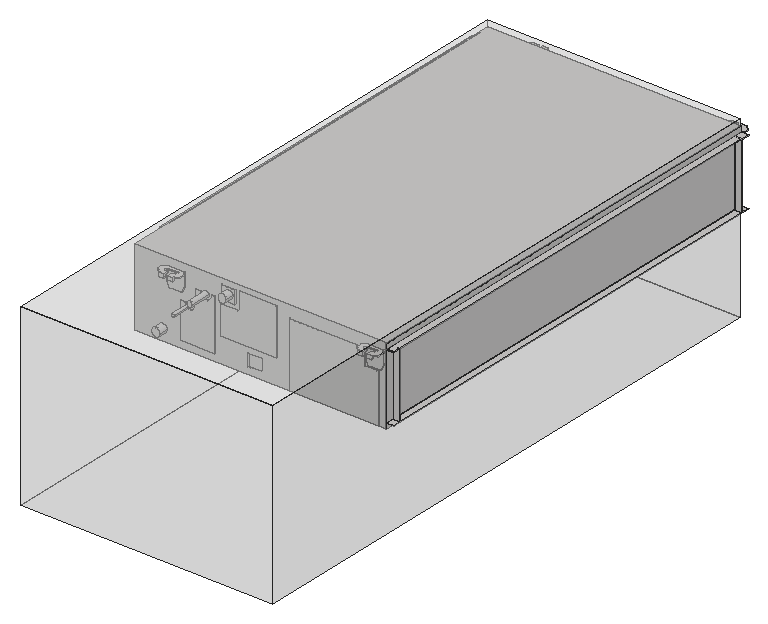
Revit family "outputfile", category 機械設備, Revit 2024
Family settings
  丸型コネクタ寸法 = 半径を使用
  パーツ タイプ = 標準
  OmniClass 番号 = 23.75.10.24.21.27.27
  OmniClass タイトル = Split System Air Conditioning Units
  作業面ベース = いいえ
  常に垂直 = はい
  ロード時にボイドで切り取り = いいえ
  注釈の向きを維持 = いいえ
  共有 = いいえ
  部屋計算ポイント = はい
Parameters (values of type "FBA125BVMA9")
  製造元 = "Daikin"
  書き出し IFC クラス(タイプ) = "IfcUnitaryEquipmentType"
  定義済み IFC タイプ(タイプ) = "AIRCONDITIONINGUNIT"
  モデル = "FBA125BVMA9"
  switch_frequency = yes
  r_Liquid Pipe Size = Liquid Pipe Size / 2  # 4.75 mm
  r_Gas Pipe Size = Gas Pipe Size / 2  # 7.95 mm
  r_Drain Pipe Size = Drain Pipe Size / 2  # 12.5 mm
  lw_power = 770.0 mm  # constant formula
  lh_SA = 138.0 mm  # constant formula
  lw_SA = if(Width = 550.0 mm, 225.0 mm, if(Width = 700.0 mm, 300.0 mm, if(Width = 1000.0 mm, 450.0 mm, if(Width = 1400.0 mm, 650.0 mm, 725.0 mm))))  # 650.0 mm
  lw_RA = if(Width = 550.0 mm, 275.0 mm, if(Width = 700.0 mm, 349.0 mm, if(Width = 1000.0 mm, 499.0 mm, if(Width = 1400.0 mm, 699.0 mm, 775.0 mm))))  # 699.0 mm
  lh_power = 60.0 mm + [h***]  # 60.0 mm
  lh_mountinghole1 = lh_mountinghole + [h***]  # 222.0 mm
  lh_RA = 123.0 mm  # constant formula
  ld_power = Width / 2  # 700.0 mm
  connector_voltage = Voltage_50Hz  # 230 V
  connector_powerinput = [Power Input (Cooling)]  # 3.740 kW
  connector_phase = Phase_50Hz  # 1
  Voltage_comment_60Hz = "220-230"
  Voltage_comment_50Hz = "220-240"
  Voltage_60Hz = 220 V
  Voltage_50Hz = 230 V
  Total Heating Capacity [instance] = 0.000 kW
  Supply Air Direction [instance] = yes
  Power Input (Heating) = 3.730 kW
  Phase_60Hz = 1
  Phase_50Hz = 1
  Nominal Heating Capacity = 14.000 kW
  Minimum External Static Pressure = 50.00 Pa
  Maximum External Static Pressure = 150.00 Pa
  Material_Casing = DAIKIN_GalvanizedSteel_Casing_indoorunit
  lw_mountinghole = 630.0 mm  # constant formula
  lh_gaspipe = 183.0 mm + [h***]  # 183.0 mm
  lh_mountinghole = 222.0 mm  # constant formula
  lh_liquidpipe = 136.0 mm + [h***]  # 136.0 mm
  lh_drainpipe = 207.0 mm + [h***]  # 207.0 mm
  lh_antena = Height - lh_mountinghole + 1.0 mm  # 24.0 mm
  ld_drainpipe = Width / 2 + 26.0 mm  # 726.0 mm
  ld_liquidpipe = Width / 2 + 69.0 mm  # 769.0 mm
  ld_gaspipe = Width / 2 + 65.0 mm  # 765.0 mm
  ld_mountinghole = Width + 38.0 mm  # 1438.0 mm
  h*** = 0.0 mm  # constant formula
  lw_liquidpipe = 179.0 mm  # constant formula
  lw_gaspipe = 229.0 mm  # constant formula
  lw_drainpipe = 300.0 mm  # constant formula
  Width = 1400.0 mm
  Version = "ver.1.0"
  Unit Type = "Duct"
  Unit Mass Weight = 47.00 kg
  Unit Designation [instance] = ""
  Uniclass2015Version = "Products v1.30"
  Uniclass2015Title = "Split coil room air conditioning units"
  Uniclass2015Code = "Pr_70_65_03_86"
  Total Cooling Capacity [instance] = 0.000 kW
  Sound Pressure Level_M speed (dBA) = 37.5
  Sound Pressure Level_L speed (dBA) = 35
  Sound Pressure Level_H speed (dBA) = 40
  Series = "SkyAir_Fan Coil Unit"
  Sensible Cooling Capacity [instance] = 0.000 kW
  SA Duct Size Width = 1192.0 mm
  SA Duct Size Height = 176.0 mm
  Refrigerant Type = "R32"
  RA Duct Size Width = 1352.0 mm
  RA Duct Size Height = 208.0 mm
  Power Input (Cooling) = 3.740 kW
  Option Accessory 3 [instance] = ""
  Option Accessory 2 [instance] = ""
  Option Accessory 1 [instance] = ""
  Nominal Cooling Capacity = 12.500 kW
  Minimum Airflow = 1500.00 m³/h
  Median Airflow = 1830.00 m³/h
  Maximum Airflow = 2160.00 m³/h
  Load Classification = HVAC
  Liquid Pipe Size = 9.5 mm
  Link_Nested Family [instance] = ""
  IfcVersion = ""
  IfcExportType = "AIRCONDITIONINGUNIT"
  IfcExportAs = "IfcUnitaryEquipmentType"
  Height = 245.0 mm
  Heating Entering Wet Bulb Temperature [instance] = -273.15 °C
  Heating Entering Dry Bulb Temperature [instance] = -273.15 °C
  Heating Ambient Wet Bulb Temperature [instance] = -273.15 °C
  Heating Ambient Dry Bulb Temperature [instance] = -273.15 °C
  Heat Exchanger Type = "Cross Fin Coil"
  Gas Pipe Size = 15.9 mm
  Frequency_60Hz = 60 Hz
  Frequency_50Hz = 50 Hz
  Fan Type = "Sirocco Fan"
  Fan Drive = "Direct Drive"
  FCU Tag No. [instance] = ""
  Drain Pipe Size = 25.0 mm
  Design Supply Airflow [instance] = 0.00 m³/h
  Design Return Airflow [instance] = 0.00 m³/h
  Design External Static Pressure [instance] = 0.00 Pa
  Depth = 800.0 mm
  既定の高さ = 0.0 mm
  Cooling Entering Wet Bulb Temperature [instance] = 0.00 °C
  Cooling Entering Dry Bulb Temperature [instance] = 0.00 °C
  Cooling Ambient Wet Bulb Temperature [instance] = 0.00 °C
  Cooling Ambient Dry Bulb Temperature [instance] = 0.00 °C
  Clearance visibility [instance] = yes
  Clearance Top = 20.0 mm
  Clearance Right = 0.0 mm
  Clearance Rear = 0.0 mm
  Clearance Left = 0.0 mm
  Clearance Front = 450.0 mm
  Clearance Bottom = 300.0 mm
Reference planes
  plane 1 "Center (Front/Back)": y = 0
  plane 2 "h": z = 0
  plane 3 "Center (Left/Right)": x = 0
  plane 4 "Back": y = 700
  plane 5 "Front": y = -700
  plane 6 "Left": x = -400
  plane 7 "Right": x = 400
  plane 8 "Top": z = 0
  plane 9 "Bottom": z = -245
  plane 10: y = -215
  plane 11: y = 700
  plane 12: y = -1150
  plane 13: x = -400
  plane 14: x = 400
  plane 15: z = 20
  plane 16: z = -545
  plane 17: x = -400
  plane 18: x = -399
  plane 19: x = 399
  plane 20: y = 50
  plane 21: y = -1
  plane 22: z = -122
  plane 23: y = -701
  plane 24: z = -109
  plane 25: x = -221
  plane 26: y = -765
  plane 27: z = -62
  plane 28: x = -171
  plane 29: y = -726
  plane 30: z = -38
  plane 31: x = -100
  plane 32: x = -100
  plane 33: x = -221
  plane 34: x = -171
  plane 35: x = 370
  plane 36: x = -266
  plane 37: x = 364
  plane 38: y = -719
  plane 39: y = 719
  plane 40: z = -23
  plane 41: z = -107
  plane 42: y = -769
  plane 43: z = -207
  plane 44: x = -309
  plane 45: y = -376
  plane 46: x = -251
  plane 47: x = -203
  plane 48: x = -144
  plane 49: z = -59
  plane 50: z = -106
  plane 51: z = -221
  plane 52: z = -109
  plane 53: x = -221
  plane 54: z = -62
  plane 55: x = -171
  plane 56: z = -17
  plane 57: z = -59
  plane 58: x = -121
  plane 59: x = -79
  plane 60: x = -125
  plane 61: x = -64
  plane 62: x = 53
  plane 63: z = -164
  plane 64: z = -73
  plane 65: z = -16
  plane 66: x = 93.5
  plane 67: x = 374.5
  plane 68: x = 330
  plane 69: z = -88.5
  plane 70: z = -38
  plane 71: z = -242.5
  plane 72: x = -38.5
  plane 73: x = 6.5
  plane 74: z = -181
  plane 75: z = -221
  plane 76: y = -699
  plane 77: x = -424
  plane 78: x = 424
Forms (mm)
  Extrusion 1, solid, material "DAIKIN_GalvanizedSteel_Casing_indoorunit" <- "Material_Casing"
    sketch origin (0, 0, 0) x (1, 0, 0) y (0, 1, 0)
      loop
        line (-399, 700) -> (-399, -700) -> (399, -700) -> (399, 700) -> (-399, 700)
    from -245 to 0
  Extrusion 2, solid, material "DAIKIN_GalvanizedSteel_Casing_indoorunit" <- "Material_Casing"
    sketch origin (0, 0, 0) x (1, 0, 0) y (0, 0, 1)
      loop
        line (-251, -221) -> (-144, -221) -> (-144, -59) -> (-154.47, -59)
        arc (-154.47, -59) -> (-171, -78.8) -> (-187.53, -59) r 16.8
        line (-187.53, -59) -> (-203, -59) -> (-203, -106) -> (-206.916, -106)
        arc (-206.916, -106) -> (-221, -123.4) -> (-235.084, -106) r 14.4
        line (-235.084, -106) -> (-251, -106) -> (-251, -221)
    from 700 to 701
  Extrusion 3, solid, material "DAIKIN_GalvanizedSteel_Casing_indoorunit" <- "Material_Casing"
    sketch origin (0, 0, 0) x (1, 0, 0) y (0, 0, 1)
      loop
        line (-121, -17) -> (-121, -59) -> (-79, -59) -> (-79, -17) -> (-121, -17)
      loop
        line (-125, -73) -> (-125, -164) -> (53, -164) -> (53, -16) -> (-64, -16) -> (-64, -73) -> (-125, -73)
    from 700 to 701
  Extrusion 4, solid, material "DAIKIN_GalvanizedSteel_Casing_indoorunit" <- "Material_Casing"
    sketch origin (0, 0, 0) x (1, 0, 0) y (0, 0, 1)
      loop
        line (93.5, -38) -> (93.5, -242.5) -> (374.5, -242.5) -> (374.5, -88.5) -> (330, -88.5) -> (330, -38) -> (93.5, -38)
    from 700 to 701
  Extrusion 5, solid, material "DAIKIN_GalvanizedSteel_Casing_indoorunit" <- "Material_Casing"
    sketch origin (0, 0, 0) x (1, 0, 0) y (0, 0, 1)
      loop
        circle (-221, -109) r 4.75
    from 700 to 769
  Extrusion 6, solid, material "DAIKIN_GalvanizedSteel_Casing_indoorunit" <- "Material_Casing"
    sketch origin (0, 0, 0) x (1, 0, 0) y (0, 0, 1)
      loop
        circle (-171, -62) r 7.95
    from 700 to 765
  Extrusion 7, solid, material "DAIKIN_GalvanizedSteel_Casing_indoorunit" <- "Material_Casing"
    sketch origin (0, 0, 0) x (1, 0, 0) y (0, 0, 1)
      loop
        circle (-100, -38) r 12.5
    from 701 to 726
  Extrusion 8, solid, material "DAIKIN_GalvanizedSteel_Casing_indoorunit" <- "Material_Casing"
    sketch origin (0, 0, 0) x (1, 0, 0) y (0, 0, 1)
      loop
        circle (-309, -207) r 13
    from 700 to 726
  Extrusion 9, void
    sketch origin (0, 0, 0) x (1, 0, 0) y (0, 0, 1)
      loop
        line (-38.5, -181) -> (-38.5, -221) -> (6.5, -221) -> (6.5, -181) -> (-38.5, -181)
    from 699 to 700
Cuts and joins
  Extrusion 9 cuts Extrusion 1
Dimensions and locks
  "Height": plane 8 "Top" to plane 9 "Bottom"
  equal spacing: plane 4 "Back", plane 1 "Center (Front/Back)", plane 5 "Front"
  "Width": plane 4 "Back" to plane 5 "Front"
  equal spacing: plane 6 "Left", plane 3 "Center (Left/Right)", plane 7 "Right"
  "Depth": plane 6 "Left" to plane 7 "Right"
  "Clearance Left": plane 13 to plane 6 "Left"
  "Clearance Right": plane 7 "Right" to plane 14
  "Clearance Rear": plane 11 to plane 4 "Back"
  "Clearance Front": plane 5 "Front" to plane 12
  "Clearance Top": plane 15 to plane 8 "Top"
  "Clearance Bottom": plane 9 "Bottom" to plane 16
  locked: plane 17 to plane 18 at 1
  locked: plane 19 to plane 14 at 1
  "lw_SA": plane 11 to plane 20
  "lw_RA": plane 21 to plane 5 "Front"
  "lh_RA": plane 22 to plane 9 "Bottom"
  locked: plane 5 "Front" to plane 23 at 1
  "lw_liquidpipe": plane 25 to plane 6 "Left"
  "lh_liquidpipe": plane 24 to plane 9 "Bottom"
  "lh_gaspipe": plane 27 to plane 9 "Bottom"
  "lw_gaspipe": plane 28 to plane 6 "Left"
  "ld_gaspipe": plane 26 to plane 1 "Center (Front/Back)"
  "ld_drainpipe": plane 29 to plane 1 "Center (Front/Back)"
  "lh_drainpipe": plane 30 to plane 9 "Bottom"
  "lw_drainpipe": plane 31 to plane 6 "Left"
  "lw_drainpipe": plane 6 "Left" to plane 32
  "lw_liquidpipe": plane 6 "Left" to plane 33
  "lw_gaspipe": plane 6 "Left" to plane 34
  "lw_power": plane 6 "Left" to plane 35
  locked: plane 17 to plane 36 at 134
  "lw_mountinghole": plane 36 to plane 37
  equal spacing: plane 38, plane 1 "Center (Front/Back)", plane 39
  "ld_mountinghole": plane 39 to plane 38
  "lh_mountinghole": plane 40 to plane 9 "Bottom"
  "lh_SA": plane 41 to plane 9 "Bottom"
  locked: plane 44 to plane 6 "Left" at 91
  locked: plane 43 to plane 9 "Bottom" at 38
  plane 48 to plane 47 to plane 46 to plane 6 "Left" = 59.0 mm, 48.0 mm, 149.0 mm
  plane 8 "Top" to plane 49 to plane 50 to plane 51 = 59.0 mm locked, 47.0 mm locked, 115.0 mm locked
  plane 55 to plane 53 to plane 6 "Left" = 50.0 mm locked, 179.0 mm locked
  plane 54 to plane 52 to plane 9 "Bottom" = 47.0 mm locked, 136.0 mm locked
  plane 59 to plane 58 to plane 6 "Left" = 42.0 mm locked, 279.0 mm locked
  plane 8 "Top" to plane 56 to plane 57 = 17.0 mm locked, 42.0 mm locked
  plane 62 to plane 61 to plane 60 to plane 6 "Left" = 117.0 mm, 61.0 mm, 275.0 mm
  plane 8 "Top" to plane 65 to plane 64 = 16.0 mm locked, 57.0 mm locked
  locked: plane 65 to plane 63 at 148
  plane 8 "Top" to plane 70 to plane 69 to plane 71 = 38.0 mm locked, 50.5 mm locked, 154.0 mm locked
  plane 67 to plane 68 to plane 66 to plane 6 "Left" = 44.5 mm locked, 236.5 mm locked, 493.5 mm locked
  plane 8 "Top" to plane 74 to plane 75 = 181.0 mm locked, 40.0 mm locked
  plane 73 to plane 72 to plane 6 "Left" = 45.0 mm, 361.5 mm
  locked: plane 76 to plane 5 "Front" at 1
  locked: plane 77 to plane 17 at 24
  locked: plane 14 to plane 78 at 24
  "ld_liquidpipe": plane 42 to plane 1 "Center (Front/Back)"
  "r_Liquid Pipe Size": radius of Extrusion 5 sketch curve
  "r_Gas Pipe Size": radius of Extrusion 6 sketch curve
  "r_Drain Pipe Size": radius of Extrusion 7 sketch curve
  aligned and locked: level to plane 2 "h"
  aligned and locked: plane 8 "Top" to Extrusion 1
  aligned and locked: Extrusion 1 to plane 9 "Bottom"
  aligned and locked: nested 5 to plane 12
  aligned and locked: plane 13 to nested 5
  aligned and locked: plane 14 to nested 5
  aligned and locked: nested 5 to plane 13
  aligned and locked: plane 11 to nested 5
  aligned and locked: plane 15 to nested 5
  aligned and locked: plane 16 to nested 5
  aligned and locked: plane 5 "Front" to Extrusion 1 sketch curve
  aligned and locked: Extrusion 1 to plane 18
  aligned and locked: plane 19 to Extrusion 1
  aligned and locked: nested 7 to plane 18
  aligned and locked: nested 7 to plane 20
  aligned and locked: plane 19 to nested 8
  aligned and locked: plane 21 to nested 8
  aligned and locked: plane 22 to nested 8
  aligned and locked: Extrusion 2 to plane 23
  aligned and locked: plane 5 "Front" to Extrusion 2
  aligned and locked: Extrusion 3 to plane 23
  aligned and locked: plane 5 "Front" to Extrusion 3
  aligned and locked: plane 5 "Front" to Extrusion 4
  aligned and locked: Extrusion 5 sketch curve to plane 25
  aligned and locked: plane 24 to Extrusion 5 sketch curve
  aligned and locked: plane 5 "Front" to Extrusion 5
  aligned and locked: Extrusion 6 sketch curve to plane 28
  aligned and locked: plane 27 to Extrusion 6 sketch curve
  aligned and locked: plane 5 "Front" to Extrusion 6
  aligned and locked: Extrusion 7 sketch curve to plane 31
  aligned and locked: Extrusion 7 sketch curve to plane 30
  aligned and locked: Extrusion 7 to plane 29
  aligned and locked: plane 23 to Extrusion 7
  aligned and locked: nested 3 to plane 29
  aligned and locked: nested 3 to plane 32
  aligned and locked: nested 2 to plane 33
  aligned and locked: nested 1 to plane 34
  aligned and locked: Extrusion 6 to plane 26
  aligned and locked: nested 1 to plane 26
  aligned and locked: nested 6 to plane 5 "Front"
  aligned and locked: nested 6 to plane 35
  aligned and locked: plane 36 to nested 10
  aligned and locked: nested 10 to plane 5 "Front"
  aligned and locked: plane 37 to nested 9
  aligned and locked: nested 9 to plane 5 "Front"
  aligned and locked: nested 11 to plane 36
  aligned and locked: plane 4 "Back" to nested 11
  aligned and locked: nested 12 to plane 37
  aligned and locked: plane 4 "Back" to nested 12
  aligned and locked: plane 40 to nested 10
  aligned and locked: plane 40 to nested 11
  aligned and locked: plane 40 to nested 9
  aligned and locked: plane 40 to nested 12
  aligned and locked: plane 36 to nested 14
  aligned and locked: nested 14 to plane 39
  aligned and locked: plane 37 to nested 13
  aligned and locked: nested 13 to plane 39
  aligned and locked: plane 37 to nested 16
  aligned and locked: plane 38 to nested 16
  aligned and locked: plane 38 to nested 15
  aligned and locked: plane 36 to nested 15
  aligned and locked: plane 17 to plane 6 "Left"
  aligned and locked: plane 41 to nested 7
  aligned and locked: Extrusion 5 to plane 42
  aligned and locked: nested 2 to plane 42
  aligned and locked: Extrusion 8 sketch curve to plane 44
  aligned and locked: plane 43 to Extrusion 8 sketch curve
  aligned and locked: plane 5 "Front" to Extrusion 8
  aligned and locked: Extrusion 3 sketch curve to plane 56
  aligned and locked: Extrusion 3 sketch curve to plane 58
  aligned and locked: plane 57 to Extrusion 3 sketch curve
  aligned and locked: plane 59 to Extrusion 3 sketch curve
  aligned and locked: Extrusion 4 to plane 23
  aligned and locked: Extrusion 9 sketch curve to plane 74
  aligned and locked: plane 75 to Extrusion 9 sketch curve
  aligned and locked: plane 73 to Extrusion 9 sketch curve
  aligned and locked: plane 5 "Front" to Extrusion 9
  aligned and locked: plane 76 to Extrusion 9
  aligned and locked: nested 17 to plane 20
  aligned and locked: nested 17 to plane 77
  aligned and locked: plane 21 to nested 18
  aligned and locked: plane 78 to nested 18
  aligned and locked: plane 41 to nested 17
  aligned and locked: nested 18 to plane 22
  aligned and locked: nested 4 to plane 3 "Center (Left/Right)"
  aligned and locked: plane 1 "Center (Front/Back)" to nested 4
  aligned and locked: level to plane 8 "Top"
  aligned and locked: Extrusion 8 to plane 29
Automatic sketch dimensions
  plane 6 "Left" to Extrusion 1 sketch curve = 1.0 mm
  Extrusion 1 sketch curve to plane 7 "Right" = 1.0 mm
  Extrusion 1 sketch curve to plane 4 "Back" = 0.0 mm
  Extrusion 2 sketch curve to plane 46 = 0.0 mm
  Extrusion 2 sketch curve to plane 33 = 0.0 mm
  Extrusion 2 sketch curve to plane 47 = 0.0 mm
  Extrusion 2 sketch curve to plane 34 = 0.0 mm
  Extrusion 2 sketch curve to plane 48 = 0.0 mm
  Extrusion 2 sketch curve to plane 51 = 0.0 mm
  Extrusion 2 sketch curve to plane 52 = 0.0 mm
  Extrusion 2 sketch curve to plane 50 = 0.0 mm  (x3)
  Extrusion 2 sketch curve to plane 54 = 0.0 mm
  Extrusion 2 sketch curve to plane 49 = 0.0 mm  (x3)
  plane 33 to Extrusion 2 sketch curve = 14.084 mm
  plane 34 to Extrusion 2 sketch curve = 16.53 mm
  Extrusion 3 sketch curve to plane 60 = 0.0 mm
  Extrusion 3 sketch curve to plane 61 = 0.0 mm
  Extrusion 3 sketch curve to plane 62 = 0.0 mm
  Extrusion 3 sketch curve to plane 63 = 0.0 mm
  Extrusion 3 sketch curve to plane 64 = 0.0 mm
  Extrusion 3 sketch curve to plane 65 = 0.0 mm
  Extrusion 4 sketch curve to plane 66 = 0.0 mm
  Extrusion 4 sketch curve to plane 68 = 0.0 mm
  Extrusion 4 sketch curve to plane 67 = 0.0 mm
  Extrusion 4 sketch curve to plane 71 = 0.0 mm
  Extrusion 4 sketch curve to plane 69 = 0.0 mm
  Extrusion 4 sketch curve to plane 70 = 0.0 mm
  Extrusion 9 sketch curve to plane 72 = 0.0 mm
  radius of Extrusion 8 sketch curve = 13.0 mm
Nested families
  nested 1: "daikin_connector_rotate2" at (-171, 0, -62), length <- "ld_gaspipe", built-in parameter 1001364 <- "lh_gaspipe", radius <- "r_Gas Pipe Size", type "daikin_connector_rotate2"
    with radius 7.95 mm, length 765.0 mm, angle_vertical 90.00°
  nested 2: "daikin_connector_rotate2" at (-221, 0, -109), length <- "ld_liquidpipe", built-in parameter 1001364 <- "lh_liquidpipe", radius <- "r_Liquid Pipe Size", type "daikin_connector_rotate2"
    with radius 4.75 mm, length 769.0 mm, angle_vertical 90.00°
  nested 3: "daikin_connector_rotate2" at (-100, 0, -38), length <- "ld_drainpipe", built-in parameter 1001364 <- "lh_drainpipe", radius <- "r_Drain Pipe Size", type "daikin_connector_rotate2"
    with radius 12.5 mm, length 726.0 mm, angle_vertical 90.00°
  nested 4: "daikin_△_symbolicline" at (0, 0, 245) x (0, -1, 0) z (0, 0, 1), built-in parameter 1001364 <- "Height", visible <- "Supply Air Direction", type "daikin_△_symbolicline"
    with length 200.0 mm
  nested 5: "daikin_clearancespace" at (0, -225, -262.381), visible <- "Clearance visibility", show <- "Clearance visibility", Link_Nested Family <- "Link_Nested Family", type "daikin_clearancespace"
    with width 800.0 mm, show yes, height 565.0 mm, depth 1850.0 mm, Link_Nested Family ""
  nested 6: "daikin_connector_rotate2" at (370, 0, -185), built-in parameter 1001364 <- "lh_power", length <- "ld_power", type "daikin_connector_rotate2"
    with radius 10.0 mm, length 700.0 mm, angle_vertical 90.00°
  nested 7: "daikin_ductflange_FBA-BVMA9_2" at (-399, 50, -107) x (0, -1, 0) z (0, 0, 1), type "daikin_ductflange_FBA-BVMA9_2"
  nested 8: "daikin_ductflange_FBA-BVMA9" at (399, -1, -122) x (0, 1, 0) z (0, 0, 1), type "daikin_ductflange_FBA-BVMA9"
    with width 1352.0 mm, lw 25.0 mm, w 1400.0 mm
  nested 9: "daikin_hangerfixture_FBA-BVMA9" at (364, -700, -23), type "daikin_hangerfixture_FBA-BVMA9"
  nested 10: "daikin_hangerfixture_FBA-BVMA9" at (-266, -700, -23), type "daikin_hangerfixture_FBA-BVMA9"
  nested 11: "daikin_hangerfixture_FBA-BVMA9" at (-266, 700, -23) x (-1, 0, 0) z (0, 0, 1), type "daikin_hangerfixture_FBA-BVMA9"
  nested 12: "daikin_hangerfixture_FBA-BVMA9" at (364, 700, -23) x (-1, 0, 0) z (0, 0, 1), type "daikin_hangerfixture_FBA-BVMA9"
  nested 13: "daikin_mountinghole" at (364, 719, -245), h_mountinghole <- "lh_mountinghole1", l_antenna <- "lh_antena", Link_Nested Family <- "Link_Nested Family", type "daikin_mountinghole"
    with show yes, l_antenna 24.0 mm, h_mountinghole 222.0 mm, Link_Nested Family ""
  nested 14: "daikin_mountinghole" at (-266, 719, -245), h_mountinghole <- "lh_mountinghole1", l_antenna <- "lh_antena", Link_Nested Family <- "Link_Nested Family", type "daikin_mountinghole"
    with show yes, l_antenna 24.0 mm, h_mountinghole 222.0 mm, Link_Nested Family ""
  nested 15: "daikin_mountinghole" at (-266, -719, -245), h_mountinghole <- "lh_mountinghole1", l_antenna <- "lh_antena", Link_Nested Family <- "Link_Nested Family", type "daikin_mountinghole"
    with show yes, l_antenna 24.0 mm, h_mountinghole 222.0 mm, Link_Nested Family ""
  nested 16: "daikin_mountinghole" at (364, -719, -245), h_mountinghole <- "lh_mountinghole1", l_antenna <- "lh_antena", Link_Nested Family <- "Link_Nested Family", type "daikin_mountinghole"
    with show yes, l_antenna 24.0 mm, h_mountinghole 222.0 mm, Link_Nested Family ""
  nested 17: "daikin_connector_rotate2" at (-400, 50, -107) x (0, -1, 0) z (0, 0, 1), type "daikin_connector_rotate2"
    with radius 10.0 mm, length 24.0 mm, angle_vertical 90.00°
  nested 18: "daikin_connector_rotate2" at (400, -1, -122) x (0, 1, 0) z (0, 0, 1), type "daikin_connector_rotate2"
    with radius 10.0 mm, length 24.0 mm, angle_vertical 90.00°
Connectors
  piping at (-100, -726, -38), diameter 25, driven by "r_Drain Pipe Size"
    settings: on nested 3, index 3, connector inside diameter 609.6 mm, connector length 0.0 mm, flow factor 0, pipe flow 0.00 m³/h, pressure drop 0.0 Pa, fitting loss kfactor 0, connector angle 0.00°, fixture units 0, engagement length 0.0 mm, angle of deflection 0.00°, flow configuration 1, flow direction 2, fitting loss method 4, system type 16, joint type 0, gender type 0, connector reference index -1, connector utility 0, adjustable connector no, is connector primary yes, connector description "Condensate Drain Piping"
  piping at (-171, -765, -62), diameter 15.9, driven by "r_Gas Pipe Size"
    settings: on nested 1, index 4, connector inside diameter 609.6 mm, connector length 0.0 mm, flow factor 0, pipe flow 0.00 m³/h, pressure drop 0.0 Pa, fitting loss kfactor 0, connector angle 0.00°, fixture units 0, engagement length 0.0 mm, angle of deflection 0.00°, flow configuration 1, flow direction 2, fitting loss method 0, system type 29, joint type 0, gender type 0, connector reference index -1, connector utility 0, adjustable connector no, is connector primary no, connector description "Refrigerant Gas Piping"
  piping at (-221, -769, -109), diameter 9.5, driven by "r_Liquid Pipe Size"
    settings: on nested 2, index 5, connector inside diameter 609.6 mm, connector length 0.0 mm, flow factor 0, pipe flow 0.00 m³/h, pressure drop 0.0 Pa, fitting loss kfactor 0, connector angle 0.00°, fixture units 0, engagement length 0.0 mm, angle of deflection 0.00°, flow configuration 1, flow direction 1, fitting loss method 0, system type 29, joint type 0, gender type 0, connector reference index -1, connector utility 0, adjustable connector no, is connector primary no, connector description "Refrigerant Liquid Piping"
  electrical at (370, -700, -185), driven by "Load Classification", driven by "connector_voltage", driven by "connector_phase", driven by "connector_powerinput"
    settings: on nested 6, index 6, voltage 230 V, apparent load 3740 VA, apparent load phase1 0 VA, apparent load phase2 0 VA, apparent load phase3 0 VA, power factor 1, load classification "HVAC", number of poles 1, system type 30, power factor state 1, is connector primary yes, connector utility no, sub classification motor no, connector description "Power Supply"
  hvac at (-424, 50, -107), driven by "SA Duct Size Height", driven by "SA Duct Size Width"
    settings: on nested 17, index 7, duct flow 0.00 m³/h, flow factor 0, pres drop 0.00 Pa, loss coef 0, conn angle 0.00°, conn width 1192.0 mm, conn height 176.0 mm, conn diameter 609.6 mm, duct sys type 1, conn prof type 1, flow config 0, flow direction 2, loss method 4, conn ref index -1, conn util no, is conn primary yes, conn desc "SA Duct"
  hvac at (424, -1, -122), driven by "RA Duct Size Height", driven by "RA Duct Size Width"
    settings: on nested 18, index 8, duct flow 0.00 m³/h, flow factor 0, pres drop 0.00 Pa, loss coef 0, conn angle 0.00°, conn width 1352.0 mm, conn height 208.0 mm, conn diameter 609.6 mm, duct sys type 2, conn prof type 1, flow config 0, flow direction 1, loss method 4, conn ref index -1, conn util no, is conn primary no, conn desc "RA Duct"
Definition of nested family "daikin_clearancespace"
  Parameters (values of type "daikin_clearancespace")
    Description = "daikin_clearancespace"
    width [instance] = 1823.963 mm
    show [instance] = yes
    material = none
    height [instance] = 1359.762 mm
    depth [instance] = 880.0 mm
    Default Elevation = 0.0 mm
    Link_Nested Family [instance] = ""
  Reference planes
    plane 1 "Center (Front/Back)": y = 0
    plane 2 "Center (Elevation)": z = -0.119
    plane 3 "Center (Left/Right)": x = 0
    plane 4: y = 440
    plane 5: y = -440
    plane 6 "Right": x = 911.982
    plane 7 "Left": x = -911.982
    plane 8 "Top": z = 679.762
    plane 9 "Bottom": z = -680
  Forms (mm)
    Extrusion 1, solid, material <- "material", visible <- "show"
      sketch origin (0, 0, 0) x (1, 0, 0) y (0, 1, 0)
        loop
          line (-911.982, 440) -> (-911.982, -440) -> (911.982, -440) -> (911.982, 440) -> (-911.982, 440)
      from -680 to 679.762
  Lines and regions (mm)
    symbolic lines, visible <- "show"
      curve 1: line (911.982, 440, 0) -> (-911.982, 440, 0)
      curve 2: line (-911.982, 440, 0) -> (-911.982, -440, 0)
      curve 3: line (-911.982, -440, 0) -> (911.982, -440, 0)
      curve 4: line (911.982, -440, 0) -> (911.982, 440, 0)
      curve 5: line (911.982, 0, 679.762) -> (-911.982, 0, 679.762)
      curve 6: line (911.982, 0, -680) -> (911.982, 0, 679.762)
      curve 7: line (-911.982, 0, -680) -> (911.982, 0, -680)
      curve 8: line (-911.982, 0, 679.762) -> (-911.982, 0, -680)
      curve 9: line (0, 440, 679.762) -> (0, -440, 679.762)
      curve 10: line (0, -440, 679.762) -> (0, -440, -680)
      curve 11: line (0, 440, -680) -> (0, 440, 679.762)
      curve 12: line (0, -440, -680) -> (0, 440, -680)
  Dimensions and locks
    "width": plane 7 "Left" to plane 6 "Right"
    "depth": plane 4 to plane 5
    "height": plane 8 "Top" to plane 9 "Bottom"
    equal spacing: plane 7 "Left", plane 3 "Center (Left/Right)", plane 6 "Right"
    equal spacing: plane 4, plane 1 "Center (Front/Back)", plane 5
    equal spacing: plane 8 "Top", plane 2 "Center (Elevation)", plane 9 "Bottom"
    aligned and locked: level to plane 2 "Center (Elevation)"
    aligned and locked: Extrusion 1 sketch curve to plane 4
    aligned and locked: plane 7 "Left" to Extrusion 1 sketch curve
    aligned and locked: Extrusion 1 sketch curve to plane 5
    aligned and locked: Extrusion 1 sketch curve to plane 6 "Right"
    aligned and locked: plane 8 "Top" to Extrusion 1
    aligned and locked: curve 1 to Extrusion 1
    aligned and locked: curve 2 to Extrusion 1
    aligned and locked: curve 3 to Extrusion 1
    aligned and locked: curve 4 to Extrusion 1
    aligned and locked: curve 5 to Extrusion 1
    aligned and locked: curve 6 to Extrusion 1
    aligned and locked: curve 7 to Extrusion 1
    aligned and locked: curve 8 to Extrusion 1
    aligned and locked: curve 9 to Extrusion 1
    aligned and locked: curve 10 to Extrusion 1
    aligned and locked: curve 11 to Extrusion 1
    aligned and locked: curve 12 to Extrusion 1
    aligned and locked: Extrusion 1 to plane 9 "Bottom"
Definition of nested family "daikin_ductflange_FBA-BVMA9_2"
  Parameters (values of type "daikin_ductflange_FBFC-DVMG2")
    width = if(w = 550.0 mm, 337.0 mm, if(w = 700.0 mm, 492.0 mm, if(w = 1000.0 mm, 792.0 mm, if(w = 1400.0 mm, 1192.0 mm, 1337.0 mm))))  # 1192.0 mm
    material = none
    height = 215.0 mm
    depth = 1.0 mm
    w = 1400.0 mm
    Default Elevation = 0.0 mm
  Reference planes
    plane 1 "Center (Front/Back)": y = 0
    plane 2: z = 0
    plane 3 "Center (Left/Right)": x = 0
    plane 4: z = 88
    plane 5: z = -88
    plane 6: y = -25
    plane 7: z = 106
    plane 8: z = 89
    plane 9: y = -1
    plane 10: x = -617.5
    plane 11: x = 617.5
    plane 12: z = -106
    plane 13: z = -89
    plane 14: y = -1
    plane 15: x = 596
    plane 16: x = -596
    plane 17: x = 597
    plane 18: z = 87
    plane 19: z = -87
    plane 20: x = -597
    plane 21: z = 87
    plane 22: z = -87
    plane 23: y = -1
  Forms (mm)
    Extrusion 1, solid, material <- "material"
      sketch origin (0, 0, 0) x (0, 1, 0) y (0, 0, 1)
        loop
          line (-25, 88) -> (0, 88) -> (0, 106) -> (-1, 106) -> (-1, 89) -> (-25, 89) -> (-25, 88)
      from -617.5 to 617.5
    Extrusion 2, solid, material <- "material"
      sketch origin (0, 0, 0) x (0, 1, 0) y (0, 0, 1)
        loop
          line (-25, -88) -> (-25, -89) -> (-1, -89) -> (-1, -106) -> (0, -106) -> (0, -88) -> (-25, -88)
      from -617.5 to 617.5
    Extrusion 3, solid, material <- "material"
      sketch origin (0, 0, 0) x (1, 0, 0) y (0, 0, 1)
        loop
          line (596, 88) -> (596, -88) -> (617.5, -88) -> (617.5, -87) -> (597, -87) -> (597, 87) -> (617.5, 87) -> (617.5, 88) -> (596, 88)
      from 0 to 25
    Extrusion 4, solid, material <- "material"
      sketch origin (0, 0, 0) x (1, 0, 0) y (0, 0, 1)
        loop
          line (-617.5, 88) -> (-617.5, 87) -> (-597, 87) -> (-597, -87) -> (-617.5, -87) -> (-617.5, -88) -> (-596, -88) -> (-596, 88) -> (-617.5, 88)
      from 0 to 25
    Extrusion 5, solid, material <- "material"
      sketch origin (0, 0, 0) x (1, 0, 0) y (0, 0, 1)
        loop
          line (-617.5, 88) -> (-617.5, -88) -> (-596, -88) -> (-596, 88) -> (-617.5, 88)
        loop
          line (617.5, 88) -> (596, 88) -> (596, -88) -> (617.5, -88) -> (617.5, 88)
      from 0 to 1
  Cuts and joins
    joined: Extrusion 1, Extrusion 2, Extrusion 3, Extrusion 4, Extrusion 5
  Dimensions and locks
    plane 4 to level to plane 5 = 88.0 mm, 88.0 mm
    locked: plane 6 to plane 1 "Center (Front/Back)" at 25
    locked: plane 9 to plane 1 "Center (Front/Back)" at 1
    locked: plane 8 to plane 4 at 1
    locked: plane 16 to plane 10 at 21.5
    locked: plane 17 to plane 15 at 1
    locked: plane 4 to plane 18 at 1
    locked: plane 19 to plane 5 at 1
    "width": plane 15 to plane 16
    plane 4 to plane 5 = 176.0 mm
    locked: plane 16 to plane 20 at 1
    locked: plane 4 to plane 21 at 1
    locked: plane 22 to plane 5 at 1
    locked: plane 23 to plane 1 "Center (Front/Back)" at 1
    plane 4 to level to plane 5 = 88.0 mm locked, 88.0 mm locked
    locked: plane 5 to plane 13 at 1
    locked: plane 5 to plane 12 at 18
    locked: plane 7 to plane 4 at 18
    equal spacing: plane 15, plane 3 "Center (Left/Right)", plane 16
    locked: plane 11 to plane 15 at 21.5
    plane 11 to plane 10 = 1235.0 mm
    aligned and locked: level to plane 2
    aligned and locked: Extrusion 1 to plane 10
    aligned and locked: plane 11 to Extrusion 1
    aligned and locked: plane 5 to Extrusion 2
    aligned and locked: Extrusion 2 to plane 1 "Center (Front/Back)"
    aligned and locked: plane 15 to Extrusion 3 sketch curve
    aligned and locked: Extrusion 3 sketch curve to Extrusion 2  (x2)
    aligned and locked: Extrusion 3 sketch curve to plane 11
    aligned and locked: plane 6 to Extrusion 3
    aligned and locked: Extrusion 2 to plane 10
    aligned and locked: plane 11 to Extrusion 2
    aligned and locked: Extrusion 4 sketch curve to Extrusion 1  (x2)
    aligned and locked: plane 5 to Extrusion 4 sketch curve
    aligned and locked: Extrusion 4 sketch curve to plane 16
    aligned and locked: Extrusion 4 sketch curve to plane 22
    aligned and locked: plane 20 to Extrusion 4 sketch curve
    aligned and locked: plane 21 to Extrusion 4 sketch curve
    aligned and locked: Extrusion 4 to plane 1 "Center (Front/Back)"
    aligned and locked: plane 6 to Extrusion 4
    aligned and locked: Extrusion 5 sketch curve to Extrusion 1  (x4)
    aligned and locked: Extrusion 5 sketch curve to Extrusion 4  (x2)
    aligned and locked: Extrusion 5 sketch curve to Extrusion 3  (x2)
    aligned and locked: Extrusion 5 to plane 1 "Center (Front/Back)"
    aligned and locked: plane 23 to Extrusion 5
  Automatic sketch dimensions
    Extrusion 1 sketch curve to plane 6 = 0.0 mm
    Extrusion 1 sketch curve to plane 7 = 0.0 mm
    Extrusion 1 sketch curve to plane 9 = 0.0 mm
    Extrusion 1 sketch curve to plane 1 "Center (Front/Back)" = 0.0 mm
    Extrusion 1 sketch curve to plane 4 = 0.0 mm
    Extrusion 1 sketch curve to plane 8 = 0.0 mm
    Extrusion 2 sketch curve to plane 6 = 0.0 mm
    plane 12 to Extrusion 2 sketch curve = 0.0 mm
    Extrusion 2 sketch curve to plane 14 = 0.0 mm
    Extrusion 2 sketch curve to plane 1 "Center (Front/Back)" = 0.0 mm
    plane 13 to Extrusion 2 sketch curve = 0.0 mm
    Extrusion 2 sketch curve to plane 5 = 0.0 mm
    Extrusion 3 sketch curve to plane 17 = 0.0 mm
    Extrusion 3 sketch curve to plane 19 = 0.0 mm
    Extrusion 3 sketch curve to plane 18 = 0.0 mm
    Extrusion 3 sketch curve to plane 4 = 0.0 mm
    Extrusion 4 sketch curve to plane 10 = 0.0 mm
Definition of nested family "daikin_ductflange_FBA-BVMA9"
  Parameters (values of type "daikin_ductflange_FBFC-DVMG")
    width = if(w = 550.0 mm, 502.0 mm, if(w = 700.0 mm, 654.0 mm, if(w = 1000.0 mm, 952.0 mm, if(w = 1400.0 mm, 1352.0 mm, 1502.0 mm))))  # 654.0 mm
    material = none
    lw = if(width = 654.0 mm, 23.0 mm, 25.0 mm)  # 23.0 mm
    height = 208.0 mm
    depth = 1.0 mm
    w = 700.0 mm
    Default Elevation = 0.0 mm
  Reference planes
    plane 1 "Center (Front/Back)": y = 0
    plane 2: z = 0
    plane 3 "Center (Left/Right)": x = 0
    plane 4: z = 104
    plane 5: z = -104
    plane 6: y = -25
    plane 7: z = 121
    plane 8: z = 105
    plane 9: y = -1
    plane 10: x = -350
    plane 11: x = 350
    plane 12: z = -122
    plane 13: z = -105
    plane 14: y = -1
    plane 15: x = 327
    plane 16: x = -327
    plane 17: x = 328
    plane 18: z = 103
    plane 19: z = -103
    plane 20: x = -328
    plane 21: z = 103
    plane 22: z = -103
    plane 23: y = -1
  Forms (mm)
    Extrusion 1, solid, material <- "material"
      sketch origin (0, 0, 0) x (0, 1, 0) y (0, 0, 1)
        loop
          line (-25, 104) -> (0, 104) -> (0, 121) -> (-1, 121) -> (-1, 105) -> (-25, 105) -> (-25, 104)
      from -350 to 350
    Extrusion 2, solid, material <- "material"
      sketch origin (0, 0, 0) x (0, 1, 0) y (0, 0, 1)
        loop
          line (-25, -104) -> (-25, -105) -> (-1, -105) -> (-1, -122) -> (0, -122) -> (0, -104) -> (-25, -104)
      from -350 to 350
    Extrusion 3, solid, material <- "material"
      sketch origin (0, 0, 0) x (1, 0, 0) y (0, 0, 1)
        loop
          line (327, 104) -> (327, -104) -> (350, -104) -> (350, -103) -> (328, -103) -> (328, 103) -> (350, 103) -> (350, 104) -> (327, 104)
      from 0 to 25
    Extrusion 4, solid, material <- "material"
      sketch origin (0, 0, 0) x (1, 0, 0) y (0, 0, 1)
        loop
          line (-350, 104) -> (-350, 103) -> (-328, 103) -> (-328, -103) -> (-350, -103) -> (-350, -104) -> (-327, -104) -> (-327, 104) -> (-350, 104)
      from 0 to 25
    Extrusion 5, solid, material <- "material"
      sketch origin (0, 0, 0) x (1, 0, 0) y (0, 0, 1)
        loop
          line (-350, 104) -> (-350, -104) -> (-327, -104) -> (-327, 104) -> (-350, 104)
        loop
          line (350, 104) -> (327, 104) -> (327, -104) -> (350, -104) -> (350, 104)
      from 0 to 1
  Cuts and joins
    joined: Extrusion 1, Extrusion 2, Extrusion 3, Extrusion 4, Extrusion 5
  Dimensions and locks
    plane 4 to level to plane 5 = 104.0 mm, 104.0 mm
    locked: plane 6 to plane 1 "Center (Front/Back)" at 25
    locked: plane 9 to plane 1 "Center (Front/Back)" at 1
    locked: plane 8 to plane 4 at 1
    "lw": plane 11 to plane 15
    "lw": plane 16 to plane 10
    locked: plane 17 to plane 15 at 1
    locked: plane 4 to plane 18 at 1
    locked: plane 19 to plane 5 at 1
    "width": plane 15 to plane 16
    equal spacing: plane 15, plane 3 "Center (Left/Right)", plane 16
    locked: plane 16 to plane 20 at 1
    locked: plane 4 to plane 21 at 1
    locked: plane 22 to plane 5 at 1
    locked: plane 23 to plane 1 "Center (Front/Back)" at 1
    locked: plane 7 to plane 4 at 17
    locked: plane 1 "Center (Front/Back)" to plane 14 at 1
    locked: plane 5 to plane 13 at 1
    "height": plane 4 to plane 5
    plane 11 to plane 10 = 700.0 mm
    locked: plane 12 to plane 13 at 17
    equal spacing: plane 4, level, plane 5
    aligned and locked: level to plane 2
    aligned and locked: Extrusion 1 to plane 10
    aligned and locked: plane 11 to Extrusion 1
    aligned and locked: plane 5 to Extrusion 2
    aligned and locked: Extrusion 2 to plane 1 "Center (Front/Back)"
    aligned and locked: plane 15 to Extrusion 3 sketch curve
    aligned and locked: Extrusion 3 sketch curve to Extrusion 2  (x2)
    aligned and locked: Extrusion 3 sketch curve to plane 11
    aligned and locked: plane 6 to Extrusion 3
    aligned and locked: Extrusion 2 to plane 10
    aligned and locked: plane 11 to Extrusion 2
    aligned and locked: Extrusion 4 sketch curve to Extrusion 1  (x2)
    aligned and locked: plane 5 to Extrusion 4 sketch curve
    aligned and locked: Extrusion 4 sketch curve to plane 16
    aligned and locked: Extrusion 4 sketch curve to plane 22
    aligned and locked: plane 20 to Extrusion 4 sketch curve
    aligned and locked: plane 21 to Extrusion 4 sketch curve
    aligned and locked: Extrusion 4 to plane 1 "Center (Front/Back)"
    aligned and locked: plane 6 to Extrusion 4
    aligned and locked: Extrusion 5 sketch curve to Extrusion 1  (x4)
    aligned and locked: Extrusion 5 sketch curve to Extrusion 4  (x2)
    aligned and locked: Extrusion 5 sketch curve to Extrusion 3  (x2)
    aligned and locked: Extrusion 5 to plane 1 "Center (Front/Back)"
    aligned and locked: plane 23 to Extrusion 5
  Automatic sketch dimensions
    Extrusion 1 sketch curve to plane 6 = 0.0 mm
    Extrusion 1 sketch curve to plane 7 = 0.0 mm
    Extrusion 1 sketch curve to plane 9 = 0.0 mm
    Extrusion 1 sketch curve to plane 1 "Center (Front/Back)" = 0.0 mm
    Extrusion 1 sketch curve to plane 4 = 0.0 mm
    Extrusion 1 sketch curve to plane 8 = 0.0 mm
    Extrusion 2 sketch curve to plane 6 = 0.0 mm
    plane 12 to Extrusion 2 sketch curve = 0.0 mm
    Extrusion 2 sketch curve to plane 14 = 0.0 mm
    Extrusion 2 sketch curve to plane 1 "Center (Front/Back)" = 0.0 mm
    plane 13 to Extrusion 2 sketch curve = 0.0 mm
    Extrusion 2 sketch curve to plane 5 = 0.0 mm
    Extrusion 3 sketch curve to plane 17 = 0.0 mm
    Extrusion 3 sketch curve to plane 19 = 0.0 mm
    Extrusion 3 sketch curve to plane 18 = 0.0 mm
    Extrusion 3 sketch curve to plane 4 = 0.0 mm
    Extrusion 4 sketch curve to plane 10 = 0.0 mm
Definition of nested family "daikin_hangerfixture_FBA-BVMA9"
  Parameters (values of type "daikin_hangerfixture_FXMQ-PAVE")
    width = 72.0 mm
    material = none
    height = 60.0 mm
    depth = 41.0 mm
    Default Elevation = 0.0 mm
  Reference planes
    plane 1 "Center (Front/Back)": y = 0
    plane 2: z = 0
    plane 3 "Center (Left/Right)": x = 0
    plane 4: y = 417.146
    plane 5: y = -41
    plane 6: x = -36
    plane 7: x = 36
    plane 8: z = -2.3
    plane 9: z = -60
    plane 10: y = -2.3
    plane 11: z = -12
    plane 12: y = -38.7
  Forms (mm)
    Extrusion 1, solid, material <- "material"
      sketch origin (0, 0, 0) x (1, 0, 0) y (0, 1, 0)
        loop
          line (-28, 0) -> (-28, -5)
          arc (-28, -5) -> (-29.127, -8.162) -> (-32, -9.899) r 5
          arc (-32, -9.899) -> (-34.873, -11.636) -> (-36, -14.798) r 5
          line (-36, -14.798) -> (-36, -27.178)
          arc (-36, -27.178) -> (-35.429, -29.499) -> (-33.846, -31.289) r 5
          line (-33.846, -31.289) -> (-23, -38.798) -> (-23, -41.098) -> (-6.5, -41.098) -> (-6.5, -28.498)
          arc (-6.5, -28.498) -> (-7.379, -26.377) -> (-9.5, -25.498) r 3
          line (-9.5, -25.498) -> (-13.5, -25.498)
          arc (-13.5, -25.498) -> (-20, -18.998) -> (-13.5, -12.498) r 6.5
          line (-13.5, -12.498) -> (13.5, -12.498)
          arc (13.5, -12.498) -> (20, -18.998) -> (13.5, -25.498) r 6.5
          line (13.5, -25.498) -> (9.5, -25.498)
          arc (9.5, -25.498) -> (7.379, -26.377) -> (6.5, -28.498) r 3
          line (6.5, -28.498) -> (6.5, -41.098) -> (23, -41.098) -> (23, -38.798) -> (33.846, -31.289)
          arc (33.846, -31.289) -> (35.429, -29.499) -> (36, -27.178) r 5
          line (36, -27.178) -> (36, -14.596)
          arc (36, -14.596) -> (34.873, -11.434) -> (32, -9.697) r 5
          arc (32, -9.697) -> (29.127, -7.96) -> (28, -4.798) r 5
          line (28, -4.798) -> (28, 0) -> (-28, 0)
      from 0 to -2.3
    Extrusion 2, solid, material <- "material"
      sketch origin (0, 0, 0) x (1, 0, 0) y (0, 0, 1)
        loop
          line (28, -39.037) -> (28, 0) -> (-28, 0) -> (-28, -39.037)
          arc (-28, -39.037) -> (-27.91, -39.983) -> (-27.642, -40.894) r 5
          line (-27.642, -40.894) -> (-21.257, -56.857)
          arc (-21.257, -56.857) -> (-19.418, -59.14) -> (-16.615, -60) r 5
          line (-16.615, -60) -> (16.615, -60)
          arc (16.615, -60) -> (19.418, -59.14) -> (21.257, -56.857) r 5
          line (21.257, -56.857) -> (27.642, -40.894)
          arc (27.642, -40.894) -> (27.91, -39.983) -> (28, -39.037) r 5
      from 0 to 2.3
    Extrusion 3, solid, material <- "material"
      sketch origin (0, 0, 0) x (1, 0, 0) y (0, 0, 1)
        loop
          line (-23, 0) -> (-23, -9)
          arc (-23, -9) -> (-22.121, -11.121) -> (-20, -12) r 3
          line (-20, -12) -> (-9.5, -12)
          arc (-9.5, -12) -> (-7.379, -11.121) -> (-6.5, -9) r 3
          line (-6.5, -9) -> (-6.5, 0) -> (-23, 0)
        loop
          line (23, 0) -> (6.5, 0) -> (6.5, -9)
          arc (6.5, -9) -> (7.379, -11.121) -> (9.5, -12) r 3
          line (9.5, -12) -> (20, -12)
          arc (20, -12) -> (22.121, -11.121) -> (23, -9) r 3
          line (23, -9) -> (23, 0)
      from 38.8 to 41.098
  Cuts and joins
    joined: Extrusion 1, Extrusion 2, Extrusion 3
  Dimensions and locks
    plane 2 to plane 8 = 2.3 mm
    "height": plane 2 to plane 9
    locked: plane 10 to plane 1 "Center (Front/Back)" at 2.3
    locked: plane 2 to plane 11 at 12
    locked: plane 12 to plane 5 at 2.3
    aligned and locked: level to plane 2
    aligned and locked: Extrusion 1 to plane 8
    aligned and locked: plane 2 to Extrusion 1
    aligned and locked: plane 2 to Extrusion 2 sketch curve
    aligned and locked: Extrusion 2 to plane 10
    aligned and locked: Extrusion 2 to plane 1 "Center (Front/Back)"
    aligned and locked: Extrusion 3 sketch curve to cut or joined group of Extrusion 1, Extrusion 2, Extrusion 3  (x3)
    aligned and locked: cut or joined group of Extrusion 1, Extrusion 2, Extrusion 3 to Extrusion 3
  Automatic sketch dimensions
    Extrusion 2 sketch curve to plane 7 = 8.0 mm
    Extrusion 2 sketch curve to plane 8 = 36.737 mm
    plane 6 to Extrusion 2 sketch curve = 19.385 mm
    Extrusion 1 sketch curve to plane 6 = 0.0 mm
    plane 1 "Center (Front/Back)" to Extrusion 1 sketch curve = 0.0 mm
    Extrusion 1 sketch curve to plane 7 = 0.0 mm
    plane 6 to Extrusion 1 sketch curve = 2.154 mm
    plane 6 to Extrusion 1 sketch curve = 3.0 mm
    Extrusion 1 sketch curve to Extrusion 1 sketch curve = 5.0 mm  (x3)
    Extrusion 1 sketch curve to plane 12 = 0.098 mm  (x2)
    Extrusion 1 sketch curve to Extrusion 1 sketch curve = 4.0 mm  (x2)
    Extrusion 1 sketch curve to plane 5 = 0.098 mm  (x2)
    Extrusion 1 sketch curve to plane 3 "Center (Left/Right)" = 6.5 mm
    plane 3 "Center (Left/Right)" to Extrusion 1 sketch curve = 6.5 mm
    Extrusion 1 sketch curve to Extrusion 1 sketch curve = 3.0 mm
    Extrusion 1 sketch curve to plane 7 = 8.0 mm
    Extrusion 1 sketch curve to plane 7 = 5.0 mm
    Extrusion 1 sketch curve to plane 7 = 3.0 mm
    Extrusion 1 sketch curve to plane 7 = 2.154 mm
    plane 12 to Extrusion 1 sketch curve = 7.411 mm  (x2)
    plane 12 to Extrusion 1 sketch curve = 10.202 mm  (x2)
    Extrusion 1 sketch curve to Extrusion 1 sketch curve = 6.5 mm  (x2)
    Extrusion 1 sketch curve to Extrusion 1 sketch curve = 12.38 mm
    Extrusion 1 sketch curve to plane 10 = 12.296 mm
    Extrusion 1 sketch curve to plane 10 = 2.7 mm
    Extrusion 1 sketch curve to plane 10 = 2.498 mm
    plane 6 to Extrusion 1 sketch curve = 4.0 mm
    Extrusion 1 sketch curve to Extrusion 1 sketch curve = 0.0 mm  (x2)
    Extrusion 1 sketch curve to plane 7 = 4.0 mm
    Extrusion 1 sketch curve to Extrusion 1 sketch curve = 4.111 mm
    Extrusion 3 sketch curve to level = 0.0 mm  (x2)
    Extrusion 3 sketch curve to plane 11 = 0.0 mm  (x2)
    plane 11 to Extrusion 3 sketch curve = 3.0 mm  (x2)
    plane 3 "Center (Left/Right)" to Extrusion 3 sketch curve = 6.5 mm
    Extrusion 3 sketch curve to Extrusion 3 sketch curve = 3.0 mm  (x2)
    Extrusion 2 sketch curve to plane 9 = 0.0 mm
    Extrusion 2 sketch curve to Extrusion 2 sketch curve = 11.385 mm
    plane 6 to Extrusion 2 sketch curve = 8.0 mm
    plane 9 to Extrusion 2 sketch curve = 20.963 mm
    Extrusion 2 sketch curve to Extrusion 2 sketch curve = 5.0 mm  (x2)
    plane 9 to Extrusion 2 sketch curve = 3.143 mm  (x3)
    Extrusion 2 sketch curve to Extrusion 2 sketch curve = 4.642 mm  (x2)
    Extrusion 2 sketch curve to Extrusion 2 sketch curve = 0.0 mm  (x2)
    Extrusion 2 sketch curve to Extrusion 2 sketch curve = 0.358 mm
    Extrusion 2 sketch curve to Extrusion 2 sketch curve = 1.857 mm  (x2)
Definition of nested family "daikin_connector_rotate2"
  Parameters (values of type "daikin_connector_rotate2")
    Default Elevation = 1219.2 mm
    show_face = no
    radius [instance] = 10.0 mm
    length [instance] = 600.0 mm
    d_surface = 10.0 mm
    angle_vertical [instance] = 90.00°
  Reference planes
    plane 1 "Center (Front/Back)": y = 0
    plane 2: z = 0
    plane 3 "Center (Left/Right)": x = 0
  Forms (mm)
    Extrusion 1, solid, visible <- "show_face"
      sketch origin (0, -600, 0) x (1, 0, 0) y (0, 0, 1)
        loop
          circle (0, 0) r 10
      from 0 to -10
  Lines and regions (mm)
    reference lines
      curve 1: line (0, 0, 0) -> (0, -600, 0)
    symbolic lines
      curve 2: circle (0, 0, 0) r 5 normal (0, 0, 1)
    model lines, visible <- "show_face"
      curve 3: line (0, 0, 0) -> (0, -600, 0)
  Dimensions and locks
    "length": curve 1 to curve 1
    "length": curve 3 to curve 3
    "d_surface": Extrusion 1 to Extrusion 1
    "radius": radius of Extrusion 1 sketch curve
    "angle_vertical": angle curve 1 to plane 1 "Center (Front/Back)"
    "angle_vertical": angle curve 3 to plane 1 "Center (Front/Back)"
    aligned and locked: level to plane 2
    aligned and locked: plane 1 "Center (Front/Back)" to curve 1
    aligned and locked: plane 2 to curve 1
    aligned and locked: plane 1 "Center (Front/Back)" to curve 2
    aligned and locked: plane 3 "Center (Left/Right)" to curve 2
    aligned and locked: plane 1 "Center (Front/Back)" to curve 3
    aligned and locked: plane 2 to curve 3
    aligned and locked: Extrusion 1 to Extrusion 1
  Automatic sketch dimensions
    Extrusion 1 sketch curve to level = 0.0 mm
    Extrusion 1 sketch curve to plane 3 "Center (Left/Right)" = 0.0 mm
    radius of curve 2 = 5.0 mm
Definition of nested family "daikin_△_symbolicline"
  Parameters (values of type "daikin_△_symbolicline")
    length [instance] = 200.0 mm
    Default Elevation = 0.0 mm
  Reference planes
    plane 1 "Center (Front/Back)": y = 0
    plane 2: z = 0
    plane 3 "Center (Left/Right)": x = 0
  Lines and regions (mm)
    symbolic lines
      curve 1: line (0, -173.205, 0) -> (100, 0, 0)
      curve 2: line (100, 0, 0) -> (-100, 0, 0)
      curve 3: line (-100, 0, 0) -> (0, -173.205, 0)
  Dimensions and locks
    equal spacing: curve 3, plane 3 "Center (Left/Right)", curve 2
    "length": curve 3 to curve 2
    "length": curve 3 to curve 3
    "length": curve 1 to curve 1
    aligned and locked: level to plane 2
    aligned and locked: curve 2 to plane 1 "Center (Front/Back)"
    aligned and locked: plane 3 "Center (Left/Right)" to curve 3
Definition of nested family "daikin_mountinghole"
  Parameters (values of type "daikin_mountinghole")
    Default Elevation = 1219.2 mm
    Type Comments = "mountinghole"
    show [instance] = yes
    material = none
    l_centerline = 100.0 mm
    l_antenna [instance] = 100.0 mm
    h_mountinghole [instance] = 0.0 mm
    d_circle = 30.0 mm
    Link_Nested Family [instance] = ""
  Reference planes
    plane 1 "Center (Front/Back)": y = 0
    plane 2: z = 0
    plane 3 "Center (Left/Right)": x = 0
    plane 4: y = 50
    plane 5: x = -50
    plane 6: x = 50
    plane 7: y = -50
    plane 8 "h_mountinghole": z = 0
    plane 9: z = 100
  Lines and regions (mm)
    model lines, detail levels fine
      curve 1: circle (0, 0, 0) r 15 normal (0, 0, 1)
      curve 2: line (-50, 0, 0) -> (50, 0, 0)
      curve 3: line (0, 50, 0) -> (0, -50, 0)
    symbolic lines, detail levels fine
      curve 4: circle (0, 0, 0) r 15 normal (0, 0, 1)
      curve 5: line (-50, 0, 0) -> (50, 0, 0)
      curve 6: line (0, 50, 0) -> (0, -50, 0)
    model lines
      curve 7: line (0, 0, 100) -> (0, 0, 0)
  Dimensions and locks
    equal spacing: plane 4, plane 1 "Center (Front/Back)", plane 7
    "l_centerline": plane 4 to plane 7
    equal spacing: plane 5, plane 3 "Center (Left/Right)", plane 6
    "l_centerline": plane 5 to plane 6
    "l_antenna": plane 9 to plane 8 "h_mountinghole"
    "h_mountinghole": plane 8 "h_mountinghole" to plane 2
    "d_circle": diameter of curve 1
    "d_circle": diameter of curve 4
    aligned and locked: level to plane 2
    aligned and locked: plane 1 "Center (Front/Back)" to curve 1
    aligned and locked: plane 3 "Center (Left/Right)" to curve 1
    aligned and locked: plane 1 "Center (Front/Back)" to curve 2
    aligned and locked: curve 3 to plane 3 "Center (Left/Right)"
    aligned and locked: plane 6 to curve 2
    aligned and locked: plane 5 to curve 2
    aligned and locked: plane 4 to curve 3
    aligned and locked: plane 7 to curve 3
    aligned and locked: plane 1 "Center (Front/Back)" to curve 4
    aligned and locked: plane 3 "Center (Left/Right)" to curve 4
    aligned and locked: plane 6 to curve 5
    aligned and locked: plane 5 to curve 5
    aligned and locked: plane 1 "Center (Front/Back)" to curve 5
    aligned and locked: plane 4 to curve 6
    aligned and locked: plane 7 to curve 6
    aligned and locked: curve 6 to plane 3 "Center (Left/Right)"
    aligned and locked: curve 7 to plane 3 "Center (Left/Right)"
    aligned and locked: plane 9 to curve 7
    aligned and locked: plane 8 "h_mountinghole" to curve 7
